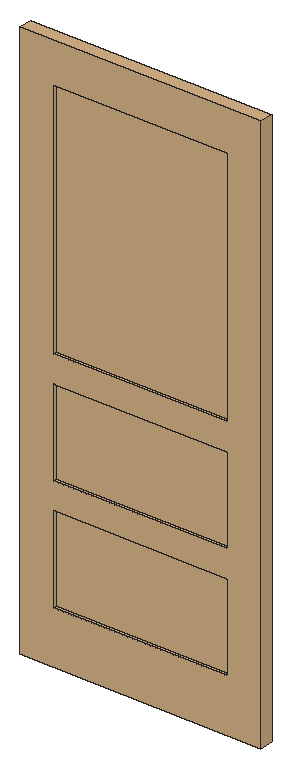
Revit family "0064_M_DR_W_single-panel 1_no trim", category 문, Revit 2026
Family settings
  호스트 = 벽
  항상 수직 = 예
  로드될 때 보이드를 사용하여 절단 = 아니오
  공유 = 아니오
  룸 계산 점 = 아니오
Parameters (values of type "36" x 84"")
  두께 = 0' - 2"
  기능 = 내부
  Rail Width - Botto = 0' - 8"
  조합 코드 = "C1020"
  Door Material = Door - Panel
  Frame Material = Door - Frame
  Height = 7' - 0"
  Rail Width - Center = 0' - 4"
  Rail Width - Top = 0' - 6"
  Stile Width = 0' - 5"
  Top Panel = 3' - 0"
  벽 마무리 = 호스트별
  Width = 3' - 0"
Types (8): name | 두께 | 조합 코드 | Height | Rail Width - Center | Rail Width - Top | Stile Width | Top Panel | Width
  36" x 84" | 0' - 2" | "C1020" | 7' - 0" | 0' - 4" | 0' - 6" | 0' - 5" | 3' - 0" | 3' - 0"
  34" x 84" | 0' - 2" | "C1020" | 7' - 0" | 0' - 4" | 0' - 6" | 0' - 5" | 3' - 0" | 2' - 10"
  32" x 84" | 0' - 2" | "C1020" | 7' - 0" | 0' - 4" | 0' - 6" | 0' - 5" | 3' - 0" | 2' - 8"
  30" x 84" | 0' - 2" | "C1020" | 7' - 0" | 0' - 4" | 0' - 6" | 0' - 5" | 3' - 0" | 2' - 6"
  30" x 80" | 0' - 2" | "C1020" | 6' - 8" | 0' - 4" | 0' - 6" | 0' - 5" | 3' - 0" | 2' - 6"
  36" x 80" | 0' - 2" | "C1020" | 6' - 8" | 0' - 4" | 0' - 6" | 0' - 5" | 3' - 0" | 3' - 0"
  34" x 80" | 0' - 2" | "C1020" | 6' - 8" | 0' - 4" | 0' - 6" | 0' - 5" | 3' - 0" | 2' - 10"
  0915 x 2134mm | 0' - 1 31/32" | 0' - 0" | 7' - 0 1/64" | 0' - 3 15/16" | 0' - 5 29/32" | 0' - 4 59/64" | 3' - 0 3/128" | 3' - 0 3/128"
Reference planes (in)
  plane 1: y = 0
  plane 2: z = 0
  plane 3: x = 0
  plane 4: x = -18
  plane 5: x = 18
  plane 6: z = 84
  plane 7: z = 78
  plane 8: z = 42
  plane 9: z = 38
  plane 10: z = 25
  plane 11: z = 21
  plane 12: z = 8
  plane 13: x = -13
  plane 14: x = 13
  plane 15: y = -3
Forms (in)
  Extrusion 1, solid, material "Door - Panel" <- "Door Material"
    sketch origin (-60, -3, 0) x (1, 0, 0) y (0, 0, 1)
      loop
        line (42, 84) -> (42, 0) -> (78, 0) -> (78, 84) -> (42, 84)
      loop
        line (47, 42) -> (73, 42) -> (73, 78) -> (47, 78) -> (47, 42)
      loop
        line (47, 25) -> (73, 25) -> (73, 38) -> (47, 38) -> (47, 25)
      loop
        line (47, 21) -> (47, 8) -> (73, 8) -> (73, 21) -> (47, 21)
    from -4 to -6
  Extrusion 2, solid, material "Door - Panel" <- "Door Material"
    sketch origin (-60, 1, 0) x (1, 0, 0) y (0, 0, 1)
      loop
        line (47, 78) -> (47, 42) -> (73, 42) -> (73, 78) -> (47, 78)
      loop
        line (47, 38) -> (47, 25) -> (73, 25) -> (73, 38) -> (47, 38)
      loop
        line (73, 8) -> (73, 21) -> (47, 21) -> (47, 8) -> (73, 8)
    from -0.5 to -1.5
Lines and regions (in)
  Opening 1
    outline origin (-60, -3, 144) x (0, 0, -1) y (1, 0, 0)
      loop
        line (60, 42) -> (144, 42) -> (144, 78) -> (60, 78) -> (60, 42)
  symbolic lines, style "DoorsPanelProjection"
    curve 1: line (18, 3, 0) -> (16, 3, 0)
    curve 2: line (18, 3, 0) -> (18, 39, 0)
    curve 3: line (18, 39, 0) -> (16, 39, 0)
    curve 4: line (16, 3, 0) -> (16, 39, 0)
  symbolic lines, style "Plan Swing"
    curve 5: arc (18, 39, 0) -> (-7.45584, 28.45584, 0) -> (-18, 3, 0) r 36
  symbolic lines, style "Elevation Swing"
    curve 6: line (-18, 0, 84) -> (18, 0, 42)
    curve 7: line (18, 0, 42) -> (-18, 0, 0)
Dimensions and locks (in)
  equal spacing: plane 4, plane 3, plane 5
  "Width": plane 4 to plane 5
  locked: host wall to curve 1
  locked: host wall to curve 5
  control icon elem to plane 5 = 2' - 1"
  "Height": plane 6 to plane 2
  "Stile Width": plane 4 to plane 13
  "Stile Width": plane 14 to plane 5
  equal spacing: plane 8, plane 10, plane 12
  "Top Panel": plane 7 to plane 8
  "Rail Width - Top": plane 6 to plane 7
  "Rail Width - Center": plane 10 to plane 11
  "Rail Width - Center": plane 8 to plane 9
  locked: host wall to Extrusion 1
  "두께": Extrusion 1 to Extrusion 1
  locked: host wall to Extrusion 2 at 0.5
  "두께": curve 4 to plane 5
  "Rail Width - Botto": plane 12 to plane 2
  equal spacing: plane 6, curve 7, level
  aligned and locked: plane 6 to Extrusion 1 sketch curve
  aligned and locked: Extrusion 1 sketch curve to curve 1
  aligned and locked: plane 5 to Extrusion 1 sketch curve
  aligned and locked: plane 14 to Extrusion 2 sketch curve
  aligned and locked: Extrusion 2 sketch curve to plane 12
  aligned and locked: plane 11 to Extrusion 2 sketch curve
  aligned and locked: Extrusion 2 sketch curve to plane 13
  aligned and locked: host wall to Extrusion 1
  aligned and locked: Extrusion 2 sketch curve to Extrusion 1  (x7)
  aligned and locked: plane 7 to Extrusion 2 sketch curve
  aligned and locked: plane 15 to host wall
Automatic sketch dimensions
  Opening 1 sketch curve to plane 6 = 0' - 0"
  Opening 1 sketch curve to level = 0' - 0"
  Opening 1 sketch curve to plane 4 = 0' - 0"
  Opening 1 sketch curve to plane 5 = 0' - 0"
  curve 3 to plane 5 = 0' - 0"
  curve 5 to plane 4 = 0' - 0"
  Extrusion 1 sketch curve to plane 4 = 0' - 0"
  Extrusion 1 sketch curve to plane 10 = 0' - 0"
  Extrusion 1 sketch curve to plane 13 = 0' - 0"  (x3)
  Extrusion 1 sketch curve to plane 12 = 0' - 0"
  Extrusion 1 sketch curve to plane 8 = 0' - 0"
  Extrusion 1 sketch curve to plane 14 = 0' - 0"  (x3)
  Extrusion 1 sketch curve to plane 9 = 0' - 0"
  Extrusion 1 sketch curve to plane 11 = 0' - 0"
  Extrusion 1 sketch curve to plane 7 = 0' - 0"
  curve 6 to plane 4 = 0' - 0"
  curve 6 to plane 6 = 0' - 0"
  curve 6 to plane 5 = 0' - 0"
  curve 7 to level = 0' - 0"
  curve 7 to plane 4 = 0' - 0"
